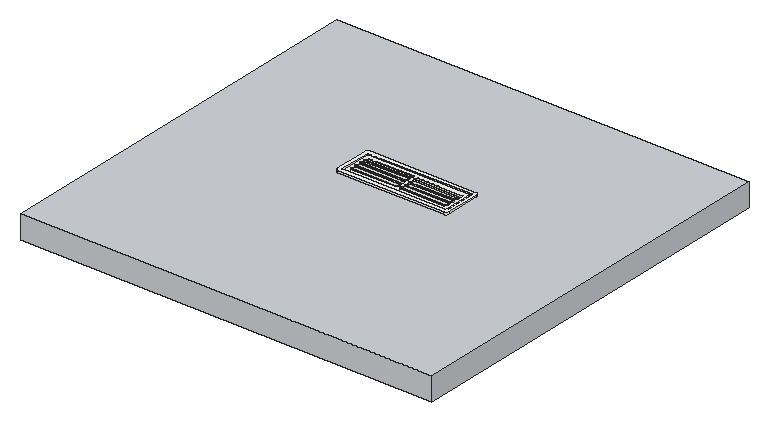
Revit family "111111003403001", category Modelos genéricos, Revit 2018
Family settings
  Anfitrión = Cara
  Puede alojar armadura = No
  Cota de conector redondo = Diámetro de uso
  Tipo de pieza = Normal
  Corte con vacíos al cargar = No
  Compartido = No
  Punto de cálculo de habitación = No
Parameters (values of type "CELOSIA BEAGLE PAI 35X12.5CM BLANCO")
  Ventajas = ""
  Uso = "Se utiliza como sistema de ventilación en Puertas, Shaft, Muro y Tina"
  Url Ficha tecnica = "https://empresascnp.cl/wp-content/uploads//pdf/ficha-tecnica-celosia-beagle-pai-25x12-5cm-blanco.pdf"
  Unidad = "Cajas de 50 Unidades"
  URL = "https://www.empresascnp.cl/"
  Num SKUs = "111111003403001"
  Nombre SKU = "CELOSIA BEAGLE PAI 35X12.5CM BLANCO"
  Model = "CELOSIA BEAGLE PAI"
  Material = PP Blanco
  Largo = 350.00 mm
  Espesor = 1.00 mm
  Empresa = "CNP SPA."
  Elevación por defecto = 1000.00 mm
  Dureza = ""
  Dimension = 125.00 mm
  Description = ""
  Assembly Code = ""
  Contacto = "info@empresascnp.cl"
  Color = "Blanco"
  Aplicacion = ""
Reference planes
  plane 1: z = 0
  plane 2 "level above": z = 15
  plane 3 "level below": z = -50
  plane 4 "izq": x = -176.738
  plane 5: y = 105.02
  plane 6: y = 42.52
  plane 7: y = 52.52
  plane 8: y = 32.52
  plane 9: x = -1.738
  plane 10: x = 8.262
  plane 11: x = -11.738
  plane 12: y = -19.98
  plane 13 "2": x = 173.262
  plane 14: y = 92.939
  plane 15: x = -164.656
Forms (mm)
  Extrusion 1, solid
    sketch origin (0, 0, 0) x (1, 0, 0) y (0, 1, 0)
      loop
        line (-644.525, 571.5) -> (-644.525, -666.75) -> (644.525, -666.75) -> (644.525, 571.5) -> (-644.525, 571.5)
    from 0 to -72.672
  Revolve 2, void, not visible
    sketch origin (-150.829, 0, 5) x (-1, 0, 0) y (0, 1, 0)
      loop
        line (-149.164, 92.939) -> (-149.164, 94.562) -> (-184.164, 94.562) -> (-184.164, 77.939) -> (-164.164, 77.939)
        arc (-164.164, 77.939) -> (-159.771, 88.545) -> (-149.164, 92.939) r 15
      axis (-149.164, 94.562) -> (-149.164, 77.939)
    angle from 0 to -90
  Extrusion 3, solid, not visible
    sketch origin (-176.738, 0, 5) x (0, 1, 0) y (0, 0, 1)
      loop
        line (77.939, 15) -> (77.939, 0) -> (92.939, 0)
        arc (92.939, 0) -> (88.545, 10.607) -> (77.939, 15) r 15
    from 12.574 to 190.074
  Revolve 4, void, not visible
    sketch origin (0, 0, 5) x (1, 0, 0) y (0, 1, 0)
      loop
        line (-149.164, 92.939) -> (-149.164, 94.493) -> (-184.164, 94.493) -> (-184.164, 77.939) -> (-164.164, 77.939)
        arc (-164.164, 77.939) -> (-159.771, 88.545) -> (-149.164, 92.939) r 15
      axis (-149.164, 94.493) -> (-149.164, 77.939)
    angle from 0 to -90
  Extrusion 5, solid, material "PP Blanco" <- "Material"
    sketch origin (248.223, 193.933, -15) x (1, 0, 0) y (0, 1, 0)
      loop
        arc (-414.962, -88.913) -> (-422.033, -91.842) -> (-424.962, -98.913) r 10
        line (-424.962, -98.913) -> (-424.962, -203.913)
        arc (-424.962, -203.913) -> (-422.033, -210.984) -> (-414.962, -213.913) r 10
        line (-414.962, -213.913) -> (-84.962, -213.913)
        arc (-84.962, -213.913) -> (-77.891, -210.984) -> (-74.962, -203.913) r 10
        line (-74.962, -203.913) -> (-74.962, -98.913)
        arc (-74.962, -98.913) -> (-77.891, -91.842) -> (-84.962, -88.913) r 10
        line (-84.962, -88.913) -> (-414.962, -88.913)
      loop
        line (-412.88, -100.995) -> (-412.88, -201.831) -> (-87.043, -201.831) -> (-87.043, -100.995) -> (-412.88, -100.995)
    from 15 to 20
  Extrusion 6, solid, material "PP Blanco" <- "Material"
    sketch origin (0, 0, 0) x (1, 0, 0) y (0, 1, 0)
      loop
        line (-164.656, 92.939) -> (-164.656, -7.898) -> (161.18, -7.898) -> (161.18, 92.939) -> (-164.656, 92.939)
      loop
        line (-149.656, 77.939) -> (-149.656, 7.102) -> (-7.988, 7.102) -> (-7.988, 77.939) -> (-149.656, 77.939)
      loop
        line (146.18, 77.939) -> (4.512, 77.939) -> (4.512, 7.102) -> (146.18, 7.102) -> (146.18, 77.939)
    from 0 to 3
  Extrusion 7, solid, material "PP Blanco" <- "Material"
    sketch origin (0, 0.673, 7.316) x (1, 0, 0) y (0, 0.956305, -0.292372)
      loop
        line (4.512, 24.811) -> (4.512, 7.102) -> (146.18, 7.102) -> (146.18, 24.811) -> (4.512, 24.811)
    from 1.407 to 2.175
  Extrusion 8, solid, material "PP Blanco" <- "Material"
    sketch origin (0, 18.382, 7.316) x (1, 0, 0) y (0, 0.956305, -0.292372)
      loop
        line (4.512, 24.811) -> (4.512, 7.102) -> (146.18, 7.102) -> (146.18, 24.811) -> (4.512, 24.811)
    from 1.407 to 2.175
  Extrusion 9, solid, material "PP Blanco" <- "Material"
    sketch origin (0, 36.091, 7.316) x (1, 0, 0) y (0, 0.956305, -0.292372)
      loop
        line (4.512, 24.811) -> (4.512, 7.102) -> (146.18, 7.102) -> (146.18, 24.811) -> (4.512, 24.811)
    from 1.407 to 2.175
  Extrusion 10, solid, material "PP Blanco" <- "Material"
    sketch origin (0, 53.8, 7.316) x (1, 0, 0) y (0, 0.956305, -0.292372)
      loop
        line (4.512, 24.811) -> (4.512, 7.102) -> (146.18, 7.102) -> (146.18, 24.811) -> (4.512, 24.811)
    from 1.407 to 2.175
  Extrusion 11, solid, material "PP Blanco" <- "Material"
    sketch origin (-154.168, 0.673, 7.316) x (1, 0, 0) y (0, 0.956305, -0.292372)
      loop
        line (4.512, 24.811) -> (4.512, 7.102) -> (146.18, 7.102) -> (146.18, 24.811) -> (4.512, 24.811)
    from 1.407 to 2.175
  Extrusion 12, solid, material "PP Blanco" <- "Material"
    sketch origin (-154.168, 18.382, 7.316) x (1, 0, 0) y (0, 0.956305, -0.292372)
      loop
        line (4.512, 24.811) -> (4.512, 7.102) -> (146.18, 7.102) -> (146.18, 24.811) -> (4.512, 24.811)
    from 1.407 to 2.175
  Extrusion 13, solid, material "PP Blanco" <- "Material"
    sketch origin (-154.168, 36.091, 7.316) x (1, 0, 0) y (0, 0.956305, -0.292372)
      loop
        line (4.512, 24.811) -> (4.512, 7.102) -> (146.18, 7.102) -> (146.18, 24.811) -> (4.512, 24.811)
    from 1.407 to 2.175
  Extrusion 14, solid, material "PP Blanco" <- "Material"
    sketch origin (-154.168, 53.8, 7.316) x (1, 0, 0) y (0, 0.956305, -0.292372)
      loop
        line (4.512, 24.811) -> (4.512, 7.102) -> (146.18, 7.102) -> (146.18, 24.811) -> (4.512, 24.811)
    from 1.407 to 2.175
Lines and regions (mm)
  model lines, not visible
    curve 1: line (-164.164, 92.939, 0) -> (13.336, 92.939, 0)
    curve 2: line (13.336, 92.939, 0) -> (13.336, 77.939, 0)
    curve 3: line (13.336, 77.939, 0) -> (-164.164, 77.939, 0)
    curve 4: line (-164.164, 77.939, 0) -> (-164.164, 92.939, 0)
Dimensions and locks
  locked: plane 2 "level above" to level at 15
  locked: level to plane 3 "level below" at 50
  equal spacing: plane 12, plane 6, plane 5
  equal spacing: plane 7, plane 6, plane 8, locked at 10 each
  equal spacing: plane 4 "izq", plane 9, plane 13 "2"
  plane 11 to plane 9 to plane 10 = 10.00 mm locked, 10.00 mm locked
  aligned and locked: plane 1 to Extrusion 1
  aligned and locked: level to Extrusion 1
Automatic sketch dimensions
  Extrusion 1 sketch curve to Extrusion 1 sketch curve = 1289.05 mm
  Extrusion 1 sketch curve to Extrusion 1 sketch curve = 1238.25 mm
  Extrusion 5 sketch curve to plane 4 "izq" = 0.00 mm
  plane 12 to Extrusion 5 sketch curve = 0.00 mm
  plane 5 to Extrusion 5 sketch curve = 0.00 mm
  Extrusion 5 sketch curve to plane 15 = 0.00 mm
  plane 14 to Extrusion 5 sketch curve = 0.00 mm
  Extrusion 5 sketch curve to plane 13 "2" = 0.00 mm
  Extrusion 5 sketch curve to plane 15 = 2.082 mm  (x2)
  Extrusion 5 sketch curve to plane 13 "2" = 12.082 mm
  Extrusion 5 sketch curve to plane 13 "2" = 10.00 mm  (x2)
  Extrusion 5 sketch curve to Extrusion 5 sketch curve = 2.082 mm
  Extrusion 6 sketch curve to plane 15 = 0.00 mm
  plane 14 to Extrusion 6 sketch curve = 0.00 mm
  plane 15 to Extrusion 6 sketch curve = 15.00 mm
  Extrusion 6 sketch curve to plane 13 "2" = 27.082 mm
  Extrusion 6 sketch curve to plane 13 "2" = 12.082 mm
  Extrusion 6 sketch curve to plane 8 = 25.418 mm
  Extrusion 6 sketch curve to plane 12 = 12.082 mm
  plane 11 to Extrusion 6 sketch curve = 3.75 mm
  Extrusion 6 sketch curve to Extrusion 6 sketch curve = 0.00 mm  (x2)
  plane 10 to Extrusion 6 sketch curve = 3.75 mm
  plane 14 to Extrusion 6 sketch curve = 15.00 mm
  Extrusion 7 sketch curve to Extrusion 7 sketch curve = 141.668 mm
  Extrusion 7 sketch curve to Extrusion 7 sketch curve = 17.709 mm
  Extrusion 8 sketch curve to Extrusion 8 sketch curve = 141.668 mm
  Extrusion 8 sketch curve to Extrusion 8 sketch curve = 17.709 mm
  Extrusion 9 sketch curve to Extrusion 9 sketch curve = 141.668 mm
  Extrusion 9 sketch curve to Extrusion 9 sketch curve = 17.709 mm
  Extrusion 10 sketch curve to Extrusion 10 sketch curve = 141.668 mm
  Extrusion 10 sketch curve to Extrusion 10 sketch curve = 17.709 mm
  Extrusion 11 sketch curve to Extrusion 11 sketch curve = 141.668 mm
  Extrusion 11 sketch curve to Extrusion 11 sketch curve = 17.709 mm
  Extrusion 12 sketch curve to Extrusion 12 sketch curve = 141.668 mm
  Extrusion 12 sketch curve to Extrusion 12 sketch curve = 17.709 mm
  Extrusion 13 sketch curve to Extrusion 13 sketch curve = 141.668 mm
  Extrusion 13 sketch curve to Extrusion 13 sketch curve = 17.709 mm
  Extrusion 14 sketch curve to Extrusion 14 sketch curve = 141.668 mm
  Extrusion 14 sketch curve to Extrusion 14 sketch curve = 17.709 mm
